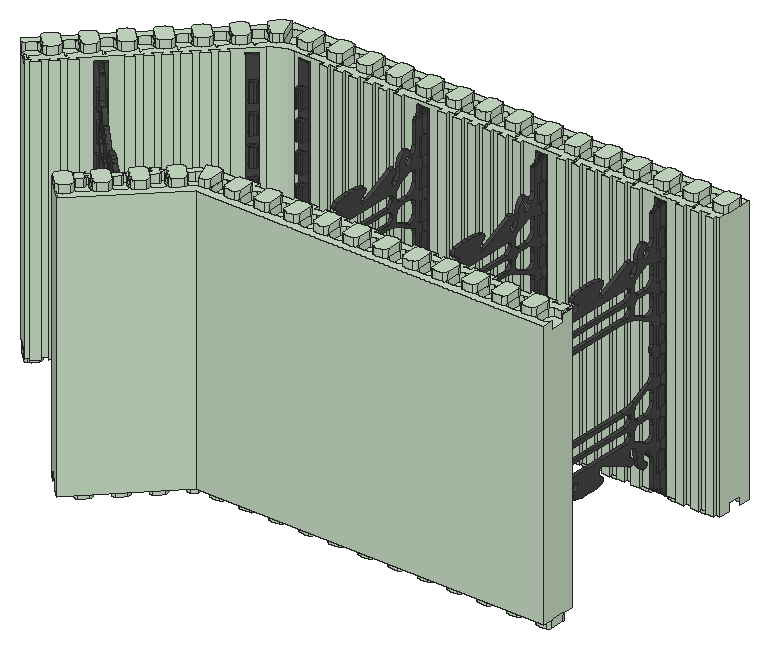
Revit family (continued)
Definition of nested family "NUDURA Diamond Pattern Missing One Line"
  Lines and regions (in)
    model lines
      curve 152: line (4.54562, -5.625, 3.92678) -> (4.17062, -5.625, 4.30178)
      curve 153: arc (3.69709, -5.625, 2.85858) -> (3.75567, -5.625, 3) -> (3.69709, -5.625, 3.14142) r 0.2
      curve 154: line (4.634, -5.625, 2.51517) -> (4.29059, -5.625, 2.85858)
      curve 155: arc (4.634, -5.625, 1.98484) -> (4.74384, -5.625, 2.25) -> (4.634, -5.625, 2.51517) r 0.375
      curve 156: line (4.29059, -5.625, 1.64142) -> (4.634, -5.625, 1.98484)
      curve 157: line (3.35367, -5.625, 1.98484) -> (3.69709, -5.625, 1.64142)
      curve 158: arc (3.35367, -5.625, 2.51517) -> (3.24384, -5.625, 2.25) -> (3.35367, -5.625, 1.98484) r 0.375
      curve 159: line (3.69709, -5.625, 2.85858) -> (3.35367, -5.625, 2.51517)
      curve 160: arc (4.17062, -5.625, 2.80178) -> (3.99384, -5.625, 2.875) -> (3.81706, -5.625, 2.80178) r 0.25
      curve 161: line (3.81706, -5.625, 2.80178) -> (3.44206, -5.625, 2.42678)
      curve 162: arc (3.44206, -5.625, 2.42678) -> (3.36884, -5.625, 2.25) -> (3.44206, -5.625, 2.07322) r 0.25
      curve 163: line (3.44206, -5.625, 2.07322) -> (3.81706, -5.625, 1.69822)
      curve 164: arc (3.81706, -5.625, 1.69822) -> (3.99384, -5.625, 1.625) -> (4.17062, -5.625, 1.69822) r 0.25
      curve 165: line (4.17062, -5.625, 1.69822) -> (4.54562, -5.625, 2.07322)
      curve 166: arc (4.54562, -5.625, 2.07322) -> (4.61884, -5.625, 2.25) -> (4.54562, -5.625, 2.42678) r 0.25
      curve 167: line (4.54562, -5.625, 2.42678) -> (4.17062, -5.625, 2.80178)
      curve 168: arc (3.69709, -5.625, 1.35858) -> (3.75567, -5.625, 1.5) -> (3.69709, -5.625, 1.64142) r 0.2
      curve 169: line (3.69709, -5.625, 1.35858) -> (3.35367, -5.625, 1.01517)
      curve 170: arc (3.35367, -5.625, 1.01517) -> (3.24384, -5.625, 0.75) -> (3.35367, -5.625, 0.48484) r 0.375
      curve 171: line (3.35367, -5.625, 0.48484) -> (3.72867, -5.625, 0.10984)
      curve 172: arc (3.72867, -5.625, 0.10984) -> (3.99384, -5.625, 0) -> (4.259, -5.625, 0.10984) r 0.375
      curve 173: line (4.259, -5.625, 0.10984) -> (4.634, -5.625, 0.48484)
      curve 174: arc (4.634, -5.625, 0.48484) -> (4.74384, -5.625, 0.75) -> (4.634, -5.625, 1.01517) r 0.375
      curve 175: line (4.634, -5.625, 1.01517) -> (4.29059, -5.625, 1.35858)
      curve 176: arc (4.29059, -5.625, 1.64142) -> (4.23201, -5.625, 1.5) -> (4.29059, -5.625, 1.35858) r 0.2
      curve 177: arc (4.17062, -5.625, 1.30178) -> (3.99384, -5.625, 1.375) -> (3.81706, -5.625, 1.30178) r 0.25
      curve 178: line (4.54562, -5.625, 0.92678) -> (4.17062, -5.625, 1.30178)
      curve 179: arc (4.54562, -5.625, 0.57322) -> (4.61884, -5.625, 0.75) -> (4.54562, -5.625, 0.92678) r 0.25
      curve 180: line (4.17062, -5.625, 0.19822) -> (4.54562, -5.625, 0.57322)
      curve 181: arc (3.81706, -5.625, 0.19822) -> (3.99384, -5.625, 0.125) -> (4.17062, -5.625, 0.19822) r 0.25
      curve 182: line (3.44206, -5.625, 0.57322) -> (3.81706, -5.625, 0.19822)
      curve 183: arc (3.44206, -5.625, 0.92678) -> (3.36884, -5.625, 0.75) -> (3.44206, -5.625, 0.57322) r 0.25
      curve 184: line (3.81706, -5.625, 1.30178) -> (3.44206, -5.625, 0.92678)
      curve 185: arc (4.29059, -5.625, 3.14142) -> (4.23201, -5.625, 3) -> (4.29059, -5.625, 2.85858) r 0.2
      curve 186: arc (4.29059, -5.625, 4.64142) -> (4.23201, -5.625, 4.5) -> (4.29059, -5.625, 4.35858) r 0.2
      curve 187: arc (4.29059, -5.625, 6.14142) -> (4.23201, -5.625, 6) -> (4.29059, -5.625, 5.85858) r 0.2
      curve 188: arc (4.29059, -5.625, 7.64142) -> (4.23201, -5.625, 7.5) -> (4.29059, -5.625, 7.35858) r 0.2
      curve 189: arc (4.29059, -5.625, 9.14142) -> (4.23201, -5.625, 9) -> (4.29059, -5.625, 8.85858) r 0.2
      curve 190: arc (4.29059, -5.625, 10.64142) -> (4.23201, -5.625, 10.5) -> (4.29059, -5.625, 10.35858) r 0.2
      curve 191: arc (4.29059, -5.625, 12.14142) -> (4.23201, -5.625, 12) -> (4.29059, -5.625, 11.85858) r 0.2
      curve 192: arc (4.29059, -5.625, 13.64142) -> (4.23201, -5.625, 13.5) -> (4.29059, -5.625, 13.35858) r 0.2
      curve 193: arc (4.29059, -5.625, 15.14142) -> (4.23201, -5.625, 15) -> (4.29059, -5.625, 14.85858) r 0.2
      curve 194: arc (4.29059, -5.625, 16.64142) -> (4.23201, -5.625, 16.5) -> (4.29059, -5.625, 16.35858) r 0.2
